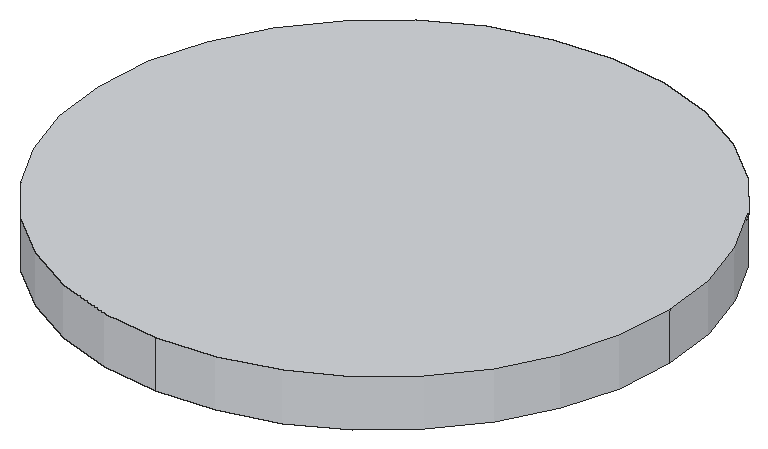
Revit family "da2931f4c1c2411d8dd333a0a4bb3406", category Air Terminals, host Face, Revit 2021
Family settings
  Host = Face
  Round Connector Dimension = Use Radius
  Part Type = Normal
  OmniClass Number = 23.75.70.21.27
  OmniClass Title = Air Outlets and Inlets
  Seek Item ID = Round Duct Connector - Supply Air - Air Terminal-0000-USA-ENU
  Cut with Voids When Loaded = No
  Shared = No
  Room Calculation Point = No
Parameters (values of type "Standard")
  TopArrowVisible [instance] = yes
  Thickness = 1"
  RightArrowVisible [instance] = yes
  Radius = 6"
  LeftArrowVisible [instance] = yes
  Flow [instance] = 100 CFM
  Diameter = Radius * 2  # 12"
  Default Elevation = 0' - 0"
  BottomArrowVisible [instance] = yes
  Assembly Code = ""
  Arrow Offset = 1' - 2"
Reference planes (in)
  plane 1 "Center (Front/Back)": y = 0
  plane 2: z = 0
  plane 3 "Center (Left/Right)": x = 0
Forms (in)
  Sweep 1, solid
    path in 3D
      loop
        line (0, 0, 0) -> (0, 0, 1)
    profile "Duct - Round : Duct - Round" origin (0, 0, 0.5) x (0, -1, 0) y (1, 0, 0)
      loop
        arc (-6, 0) -> (-4.24264, -4.24264) -> (0, -6) r 6
        arc (0, -6) -> (4.24264, -4.24264) -> (6, 0) r 6
        arc (6, 0) -> (4.24264, 4.24264) -> (0, 6) r 6
        arc (0, 6) -> (-4.24264, 4.24264) -> (-6, 0) r 6
Lines and regions (in)
  reference lines
    curve 1: line (0, 0, 0) -> (0, 0, 1)
  sketch lines
    curve 2: line (0, 0, 0) -> (0, 0, 1)
Dimensions and locks (in)
  "Thickness": curve 1 to curve 1
  "Arrow Offset": plane 3 "Center (Left/Right)" to nested 1
  "Arrow Offset": nested 2 to plane 1 "Center (Front/Back)"
  "Arrow Offset": nested 3 to plane 3 "Center (Left/Right)"
  "Arrow Offset": nested 4 to plane 1 "Center (Front/Back)"
  aligned and locked: plane 2 to host face
  aligned and locked: level to host face
  aligned and locked: host face to curve 1
  aligned and locked: curve 1 to plane 1 "Center (Front/Back)"
  aligned and locked: plane 1 "Center (Front/Back)" to nested 1
  aligned and locked: nested 2 to plane 3 "Center (Left/Right)"
  aligned and locked: nested 3 to plane 1 "Center (Front/Back)"
  aligned and locked: plane 3 "Center (Left/Right)" to nested 4
Automatic sketch dimensions
  host sketch curve to host sketch curve = 8' - 0"  (x2)
Nested families (in)
  nested 1: "Duct Terminal Arrow" at (14, 0, 0), visible <- "RightArrowVisible", type "Duct Terminal Arrow"
  nested 2: "Duct Terminal Arrow" at (0, -14, 0) x (0, -1, 0) z (0, 0, 1), visible <- "BottomArrowVisible", type "Duct Terminal Arrow"
  nested 3: "Duct Terminal Arrow" at (-14, 0, 0) x (-1, 0, 0) z (0, 0, 1), visible <- "LeftArrowVisible", type "Duct Terminal Arrow"
  nested 4: "Duct Terminal Arrow" at (0, 14, 0) x (0, 1, 0) z (0, 0, 1), visible <- "TopArrowVisible", type "Duct Terminal Arrow"
Connectors (in)
  hvac at (0, 0, 1), driven by "Radius", driven by "Flow"
    settings: on Sweep 1, index 1, duct flow 100 CFM, flow factor 0, pres drop 0.00 in-wg, loss coef 0, conn angle 0.00°, conn width 12", conn height 12", conn diameter 12", duct sys type 1, conn prof type 0, flow config 1, flow direction 1, loss method 0, conn ref index -1, conn util no, is conn primary yes, conn desc ""
Definition of nested family "Duct Terminal Arrow"
  Reference planes (in)
    plane 1: y = 0
    plane 2: x = 0
  Lines and regions (in)
    Filled region 1, type "Solid Black"
      outline origin (-0.75, 0, 0) x (1, 0, 0) y (0, 1, 0)
        loop
          line (1, 0) -> (0.875, 0.0455) -> (0.875, -0.0455) -> (1, 0)
    detail lines
      curve 1: line (0, 0, 0) -> (0.25, 0, 0)
  Dimensions and locks (in)
    aligned and locked: plane 2 to curve 1
